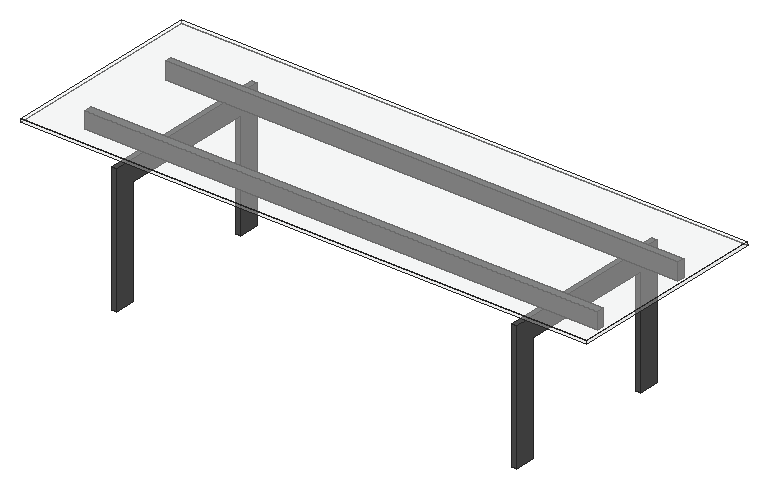
Revit family "Table-Dining", category Furniture, Revit 2018
Family settings
  OmniClass Number = 23.40.20.14.17.11
  OmniClass Title = Dining Room Tables
  Work Plane-Based = No
  Always vertical = Yes
  Cut with Voids When Loaded = No
  Shared = Yes
  Room Calculation Point = No
Parameters (values of type "30" x 84" x 22"")
  Assembly Code = "E2020200"
  Base Material = Steel, Chrome Plated
  Height = 1' - 10"
  Length = 7' - 0"
  Top Material = Glass - Clear, Grey
  Width = 2' - 6"
Types (4): name | Height | Length | Width
  (no name) | 1' - 10" | 7' - 0" | 2' - 6"
  30" x 84" x 22" | 1' - 10" | 7' - 0" | 2' - 6"
  30" x 60" x 18" | 1' - 6" | 5' - 0" | 2' - 6"
  24" x 36" x 24" | 2' - 0" | 6' - 0" | 3' - 0"
Reference planes (in)
  plane 1 "Center (Front/Back)": y = 3.74847
  plane 2: z = 0
  plane 3 "Center (Left/Right)": x = 0.71912
  plane 4 "Front": y = -11.25153
  plane 5 "Left": x = -41.28088
  plane 6 "Right": x = 42.71912
  plane 7 "Back": y = 18.74847
  plane 8 "Top": z = 22
Forms (in)
  Extrusion 1, solid, material "Glass - Clear, Grey" <- "Top Material"
    sketch origin (0, 0, 22) x (-1, 0, 0) y (0, -1, 0)
      loop
        line (41.28088, -18.74847) -> (41.28088, 11.25153) -> (-42.71912, 11.25153) -> (-42.71912, -18.74847) -> (41.28088, -18.74847)
    from 0 to -0.5
  Extrusion 2, solid, material "Steel, Chrome Plated" <- "Base Material"
    sketch origin (-41.28088, 0, 0) x (0, 0, -1) y (0, -1, 0)
      loop
        line (0, -16.74847) -> (0, -13.74847) -> (-16, -13.74847) -> (-16, 6.25153) -> (0, 6.25153) -> (0, 9.25153) -> (-19, 9.25153) -> (-19, -16.74847) -> (0, -16.74847)
    from -12 to -12.75
  Extrusion 3, solid, material "Steel, Chrome Plated" <- "Base Material"
    sketch origin (42.71912, 0, 0) x (0, 0, -1) y (0, -1, 0)
      loop
        line (0, -13.74847) -> (-16, -13.74847) -> (-16, 6.25153) -> (0, 6.25153) -> (0, 9.25153) -> (-19, 9.25153) -> (-19, -16.74847) -> (0, -16.74847) -> (0, -13.74847)
    from 12 to 12.75
  Extrusion 4, solid, material "Steel, Chrome Plated" <- "Base Material"
    sketch origin (0, 0, 22) x (-1, 0, 0) y (0, -1, 0)
      loop
        line (37.28088, -11.72372) -> (37.28088, -10.72372) -> (-38.71912, -10.72372) -> (-38.71912, -11.72372) -> (37.28088, -11.72372)
      loop
        line (37.28088, 3.25153) -> (37.28088, 4.25153) -> (-38.71912, 4.25153) -> (-38.71912, 3.25153) -> (37.28088, 3.25153)
    from -0.5 to -3
Lines and regions (in)
  Masking region 1
    outline origin (0, 0, 0) x (1, 0, 0) y (0, 1, 0)
      loop
        line (-41.28088, 18.74847) -> (-41.28088, -11.25153) -> (42.71912, -11.25153) -> (42.71912, 18.74847) -> (-41.28088, 18.74847)
Dimensions and locks (in)
  equal spacing: plane 5 "Left", plane 3 "Center (Left/Right)", plane 6 "Right"
  "Length": plane 5 "Left" to plane 6 "Right"
  equal spacing: plane 4 "Front", plane 1 "Center (Front/Back)", plane 7 "Back"
  "Width": plane 4 "Front" to plane 7 "Back"
  "Height": plane 2 to plane 8 "Top"
  locked: plane 7 "Back" to Extrusion 2 sketch curve at 2
  locked: Extrusion 2 sketch curve to plane 4 "Front" at 2
  locked: Extrusion 2 sketch curve to plane 8 "Top" at 3
  locked: Extrusion 3 sketch curve to plane 8 "Top" at 3
  aligned and locked: level to plane 2
  aligned and locked: Extrusion 3 sketch curve to Extrusion 2  (x2)
  aligned and locked: plane 7 "Back" to Masking region 1 sketch curve
  aligned and locked: Masking region 1 sketch curve to plane 5 "Left"
  aligned and locked: Masking region 1 sketch curve to plane 4 "Front"
  aligned and locked: plane 6 "Right" to Masking region 1 sketch curve
Automatic sketch dimensions
  Extrusion 1 sketch curve to plane 6 "Right" = 0' - 0"
  Extrusion 1 sketch curve to plane 4 "Front" = 0' - 0"
  Extrusion 1 sketch curve to plane 5 "Left" = 0' - 0"
  Extrusion 1 sketch curve to plane 7 "Back" = 0' - 0"
  Extrusion 2 sketch curve to level = 0' - 0"  (x2)
  Extrusion 2 sketch curve to Extrusion 2 sketch curve = 0' - 3"  (x3)
  plane 6 "Right" to Extrusion 4 sketch curve = 0' - 4"  (x2)
  Extrusion 4 sketch curve to plane 5 "Left" = 0' - 4"  (x2)
  Extrusion 4 sketch curve to plane 1 "Center (Front/Back)" = 0' - 7.97525"
  Extrusion 4 sketch curve to Extrusion 4 sketch curve = 0' - 1"  (x2)
  plane 1 "Center (Front/Back)" to Extrusion 4 sketch curve = 0' - 7"
  Extrusion 3 sketch curve to level = 0' - 0"  (x2)
  plane 7 "Back" to Extrusion 3 sketch curve = 0' - 2"
  Extrusion 3 sketch curve to Extrusion 3 sketch curve = 0' - 3"
  Extrusion 3 sketch curve to plane 4 "Front" = 0' - 2"
